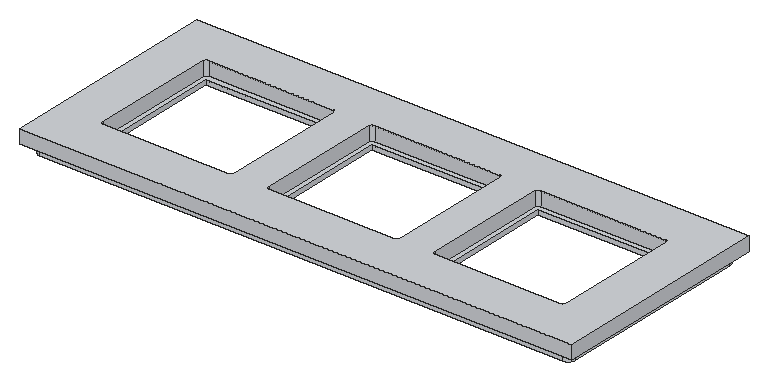
Revit family "Gira_021318", category Electrical Fixtures, host Face, Revit 2017
Family settings
  Host = Face
  Maintain Annotation Orientation = No
  Round Connector Dimension = Use Diameter
  Part Type = Normal
  Cut with Voids When Loaded = No
  Shared = No
  Room Calculation Point = No
Parameters (values of type "Cov.fr. 3-g Gira Esprit mint gl.")
  With mounting grid = "No"
  With hinged lid = "No"
  URL = "http://katalog.gira.de/en/datenblatt.html?artikelnr=021318"
  Type of fastening = "Clamp mounting"
  Transparent = "No"
  Surface protection = "Other"
  Suitable for wall duct = "No"
  Suitable for flush-mounted installation = "Yes"
  Suitable for floor box = "No"
  Suitable for built-in installation = "No"
  Number of units vertical = "3"
  Number of units horizontal = "3"
  Number of units = "3"
  Name = "Cov.fr. 3-g Gira Esprit mint gl."
  Mounting direction = "Horizontal and vertical"
  Material quality = "Real glass"
  Material = "Glass"
  Manufacturer URL = "https://www.gira.de/"
  Manufacturer = "Gira"
  Label space/information surface = "No"
  Keynote = ""
  HeinzeBIM = "https://bimportal.heinze.de/bim/cov-fr-3-g-gira-esprit-mint-gl-/5b4a96cf268b6e77da4f748191d18192335577f0"
  Halogen free = "No"
  HAN = "021318"
  GTIN = "4010337213185"
  Description = "Cov.fr.3g Espr. GMi,Gira Esprit cover frame,mint glass,3-gang,"
  Degree of protection (IP) = "IP20"
  Default Elevation = 1219.2 mm
  Data sheet (1) = "https://katalog.gira.de/en/download.html?artikelnr=021318"
  Colour = "Green"
  Category = "Cover frame for domestic switching devices"
  BIM (1) = "https://media.stage.bim.site/public/gira/36a6b08/Espr._Rahmen_3fach.rfa"
  Available = "No"
Reference planes
  plane 1 "Center (Front/Back)": y = 0
  plane 2: z = 0
  plane 3 "Center (Left/Right)": x = 0
Forms (mm)
  Extrusion 1, solid, detail levels fine
    sketch origin (0, 0, 0) x (1, 0, 0) y (0, 1, 0)
      loop
        line (-118.4, 47.5) -> (-118.4, -47.5) -> (118.4, -47.5) -> (118.4, 47.5) -> (-118.4, 47.5)
      loop
        arc (-99.5, -26.7) -> (-99.061, -27.761) -> (-98, -28.2) r 1.5
        line (-98, -28.2) -> (-44.6, -28.2)
        arc (-44.6, -28.2) -> (-43.539, -27.761) -> (-43.1, -26.7) r 1.5
        line (-43.1, -26.7) -> (-43.1, 26.7)
        arc (-43.1, 26.7) -> (-43.539, 27.761) -> (-44.6, 28.2) r 1.5
        line (-44.6, 28.2) -> (-98, 28.2)
        arc (-98, 28.2) -> (-99.061, 27.761) -> (-99.5, 26.7) r 1.5
        line (-99.5, 26.7) -> (-99.5, -26.7)
      loop
        arc (-28.2, -26.7) -> (-27.761, -27.761) -> (-26.7, -28.2) r 1.5
        line (-26.7, -28.2) -> (26.7, -28.2)
        arc (26.7, -28.2) -> (27.761, -27.761) -> (28.2, -26.7) r 1.5
        line (28.2, -26.7) -> (28.2, 26.7)
        arc (28.2, 26.7) -> (27.761, 27.761) -> (26.7, 28.2) r 1.5
        line (26.7, 28.2) -> (-26.7, 28.2)
        arc (-26.7, 28.2) -> (-27.761, 27.761) -> (-28.2, 26.7) r 1.5
        line (-28.2, 26.7) -> (-28.2, -26.7)
      loop
        arc (43.1, -26.7) -> (43.539, -27.761) -> (44.6, -28.2) r 1.5
        line (44.6, -28.2) -> (98, -28.2)
        arc (98, -28.2) -> (99.061, -27.761) -> (99.5, -26.7) r 1.5
        line (99.5, -26.7) -> (99.5, 26.7)
        arc (99.5, 26.7) -> (99.061, 27.761) -> (98, 28.2) r 1.5
        line (98, 28.2) -> (44.6, 28.2)
        arc (44.6, 28.2) -> (43.539, 27.761) -> (43.1, 26.7) r 1.5
        line (43.1, 26.7) -> (43.1, -26.7)
    from 0 to 6
  Extrusion 2, solid, detail levels fine
    sketch origin (0, 0, 0) x (1, 0, 0) y (0, 1, 0)
      loop
        line (-97.2, -25.7) -> (-45.4, -25.7) -> (-45.4, 25.7) -> (-97.2, 25.7) -> (-97.2, -25.7)
      loop
        line (97.2, 25.7) -> (45.4, 25.7) -> (45.4, -25.7) -> (97.2, -25.7) -> (97.2, 25.7)
      loop
        arc (-114.002, -41.3) -> (-113.474, -42.573) -> (-112.202, -43.1) r 1.8
        line (-112.202, -43.1) -> (112.202, -43.1)
        arc (112.202, -43.1) -> (113.474, -42.573) -> (114.002, -41.3) r 1.8
        line (114.002, -41.3) -> (114.002, 41.3)
        arc (114.002, 41.3) -> (113.474, 42.573) -> (112.202, 43.1) r 1.8
        line (112.202, 43.1) -> (-112.202, 43.1)
        arc (-112.202, 43.1) -> (-113.474, 42.573) -> (-114.002, 41.3) r 1.8
        line (-114.002, 41.3) -> (-114.002, -41.3)
      loop
        line (25.9, 25.7) -> (-25.9, 25.7) -> (-25.9, -25.7) -> (25.9, -25.7) -> (25.9, 25.7)
    from -1.9 to 0
  Extrusion 3, solid, detail levels fine
    sketch origin (0, 0, 0) x (1, 0, 0) y (0, 1, 0)
      loop
        arc (-112.3, 44.4) -> (-114.421, 43.521) -> (-115.3, 41.4) r 3
        line (-115.3, 41.4) -> (-115.3, -41.4)
        arc (-115.3, -41.4) -> (-114.421, -43.521) -> (-112.3, -44.4) r 3
        line (-112.3, -44.4) -> (112.3, -44.4)
        arc (112.3, -44.4) -> (114.421, -43.521) -> (115.3, -41.4) r 3
        line (115.3, -41.4) -> (115.3, 41.4)
        arc (115.3, 41.4) -> (114.421, 43.521) -> (112.3, 44.4) r 3
        line (112.3, 44.4) -> (-112.3, 44.4)
      loop
        arc (-114.1, -41.4) -> (-113.573, -42.673) -> (-112.3, -43.2) r 1.8
        line (-112.3, -43.2) -> (112.3, -43.2)
        arc (112.3, -43.2) -> (113.573, -42.673) -> (114.1, -41.4) r 1.8
        line (114.1, -41.4) -> (114.1, 41.4)
        arc (114.1, 41.4) -> (113.573, 42.673) -> (112.3, 43.2) r 1.8
        line (112.3, 43.2) -> (-112.3, 43.2)
        arc (-112.3, 43.2) -> (-113.573, 42.673) -> (-114.1, 41.4) r 1.8
        line (-114.1, 41.4) -> (-114.1, -41.4)
    from -3.7 to 0
  Extrusion 4, solid, detail levels medium
    sketch origin (0, 0, 0) x (1, 0, 0) y (0, 1, 0)
      loop
        line (-118.4, 47.5) -> (-118.4, -47.5) -> (118.4, -47.5) -> (118.4, 47.5) -> (-118.4, 47.5)
    from 0 to 6
  Extrusion 5, solid, detail levels medium
    sketch origin (0, 0, 0) x (1, 0, 0) y (0, 1, 0)
      loop
        line (-115.3, 44.4) -> (-115.3, -44.4) -> (115.3, -44.4) -> (115.3, 44.4) -> (-115.3, 44.4)
    from -3.7 to 0
  Extrusion 6, solid, detail levels coarse
    sketch origin (0, 0, 0) x (1, 0, 0) y (0, 1, 0)
      loop
        line (-118.4, 47.5) -> (-118.4, -47.5) -> (118.4, -47.5) -> (118.4, 47.5) -> (-118.4, 47.5)
    from -3.7 to 6
Dimensions and locks
  aligned and locked: plane 2 to host face
  aligned and locked: level to host face
